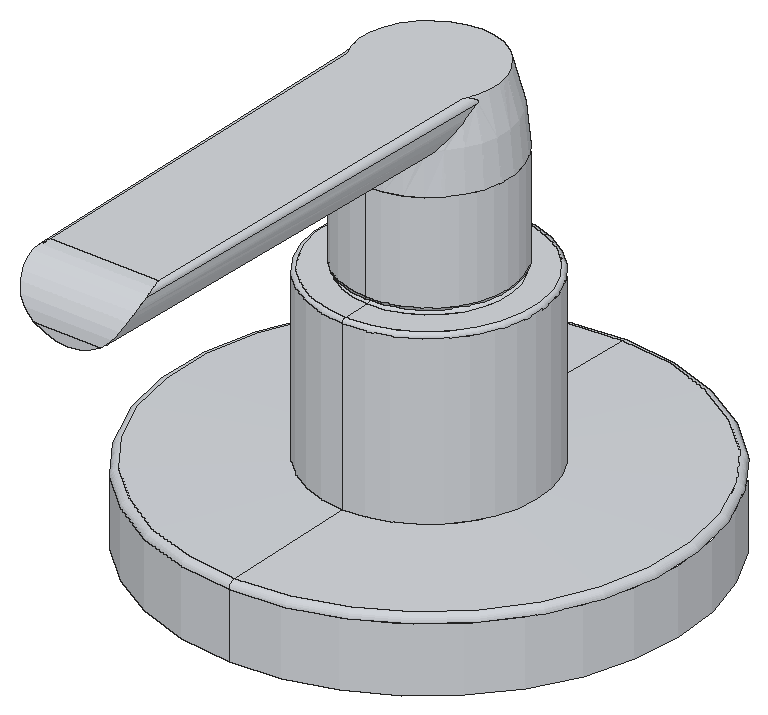
Revit family "Shower-Valve_Trim-KOHLER-Avid-K-T97026_1", category Specialty Equipment, host Face, Revit 2017
Family settings
  Host = Face
  Round Connector Dimension = Use Diameter
  Part Type = Normal
  OmniClass Number = 23.31.25.00
  OmniClass Title = Toilet and Bath Specialties
  Cut with Voids When Loaded = No
  Shared = No
  Room Calculation Point = No
Parameters (values of type "CP-Polished Chrome")
  Width = 3 15/16"  # constant formula
  WaterSense Certified = 1 = 0  # no
  URL = "https://www.us.kohler.com/us/"
  Type = 1
  Product Page URL = "http://www.us.kohler.com/us/catalog/productDetails.jsp?productId=T97026-4"
  Product Name = "Avid"  # constant formula
  Product Documentation Link = "https://www.us.kohler.com/webassets/kpna/catalog/pdf/en/K-T97026-4_spec.pdf"
  Model = if(Type = 1, "K-T97026-4-CP", if(Type = 2, "K-T97026-4-BN", "NA"))  # "K-T97026-4-CP"
  Material = "Premium Metal Construction"  # constant formula
  Master Format 2014 Name = "Toilet, Bath, and Laundry Accessories"  # constant formula
  Master Format 2014 = "10 28 00"  # constant formula
  Manufacturer Address = "444 Highland Dr, Kohler, WI 53044"  # constant formula
  Manufacturer = "KOHLER Co."  # constant formula
  Length = 3 3/8"  # constant formula
  Height = 3 15/16"  # constant formula
  Handle Clearance = 3 9/16"  # constant formula
  Finish = Kohler-Metal-CP-Polished_Chrome
  Environmental Product Declaration = ""
  Description = "Transfer valve trim with lever handle"  # constant formula
  Default Elevation = 42"
  Declare Label = ""
  Date Modified = "05/21/2020"  # constant formula
  Date Created = "05/21/2020"  # constant formula
  Copyright = "Copyright KOHLER Co."  # constant formula
  Contact Us = "https://www.us.kohler.com/us/static/contact.jsp"
  Assembly Code = "C1030200"
  ADA Compliant = 1 = 1  # yes
Types (3): name | Type | Model | Finish
  (no name) | 1 | "K-T97026-4-CP" | Kohler-Metal-CP-Polished_Chrome
  CP-Polished Chrome | 1 | "K-T97026-4-CP" | Kohler-Metal-CP-Polished_Chrome
  BN-Vibrant Brushed Nickel | 2 | "K-T97026-4-BN" | Kohler-Metal-BN-Vibrant_Brushed_Nickel
Reference planes (in)
  plane 1 "Center (Front/Back)": y = 0
  plane 2: z = 0
  plane 3 "Center (Left/Right)": x = 0
  plane 4: x = -1.96875
  plane 5: x = 1.96875
  plane 6: y = 1.96875
  plane 7: y = -1.96875
  plane 8: y = -3.5625
  plane 9: z = 3.375
  plane 10: z = 0.58336
  plane 11: z = 1.93054
Dimensions and locks (in)
  "Height": plane 6 to plane 7
  "Width": plane 4 to plane 5
  "Length": level to plane 9
  "Handle Clearance": plane 1 "Center (Front/Back)" to plane 8
  aligned and locked: plane 2 to host face
  aligned and locked: level to host face
  aligned and locked: plane 3 "Center (Left/Right)" to nested 1
  aligned and locked: plane 1 "Center (Front/Back)" to nested 1
Automatic sketch dimensions
  host sketch curve to host sketch curve = 96"  (x2)
Nested families (in)
  nested 1: "K-T97026" at (0, 0, 0), type "K-T97026"
Definition of nested family "K-T97026"
  Parameters (values of type "K-T97026")
    Material = none
  Reference planes (in)
    plane 1 "Center (Front/Back)": y = 0
    plane 2: z = 0
    plane 3 "Center (Left/Right)": x = 0
    plane 4: x = -1.96875
    plane 5: x = 1.96875
    plane 6: y = 1.96875
    plane 7: y = -1.96875
    plane 8: y = -3.5625
    plane 9: z = 3.375
  Forms (in)
    Revolve 1, solid, material <- "Material", detail levels medium+fine
      sketch origin (0, 0, 0) x (0, 1, 0) y (0, 0, 1)
        loop
          line (1.96875, 0) -> (1.96875, 0.50563)
          arc (1.96875, 0.50563) -> (1.95263, 0.54511) -> (1.91348, 0.56202) r 0.0564
          line (1.91348, 0.56202) -> (0.851, 0.58336) -> (0.851, 1.89526)
          arc (0.851, 1.89526) -> (0.84174, 1.91763) -> (0.81937, 1.9269) r 0.03163
          line (0.81937, 1.9269) -> (0.60688, 1.9269)
          arc (0.60688, 1.9269) -> (0.57363, 1.93749) -> (0.55263, 1.96536) r 0.05749
          line (0.55263, 1.96536) -> (0.60624, 1.96536)
          arc (0.60624, 1.96536) -> (0.62021, 1.97115) -> (0.626, 1.98512) r 0.01976
          line (0.626, 1.98512) -> (0.626, 2.76536)
          arc (0.626, 2.76536) -> (0.59847, 3.07504) -> (0.51675, 3.375) r 1.75562
          line (0.51675, 3.375) -> (0, 3.375) -> (0, 0) -> (1.96875, 0)
        axis (0, 0) -> (0, 3.375)
      angle from 0 to 360
    Blend 2, solid, material <- "Material", detail levels medium+fine
      base sketch origin (0, 0, -0.8125) x (1, 0, 0) y (0, 0, 1)
        loop
          line (0.41472, 4.1875) -> (-0.41472, 4.1875)
          arc (-0.41472, 4.1875) -> (-0.43687, 4.17785) -> (-0.44488, 4.15506) r 0.03024
          arc (-0.44488, 4.15506) -> (-0.30352, 3.86062) -> (0.00058, 3.74144) r 0.44606
          arc (0.00058, 3.74144) -> (0.30394, 3.86101) -> (0.44488, 4.15506) r 0.44606
          arc (0.44488, 4.15506) -> (0.43687, 4.17785) -> (0.41472, 4.1875) r 0.03024
      top sketch origin (0, 0, -0.8125) x (1, 0, 0) y (0, 0, 1)
        loop
          arc (0, 3.71216) -> (0.33957, 3.81868) -> (0.51082, 4.13066) r 0.47686
          arc (0.51082, 4.13066) -> (0.49839, 4.17042) -> (0.4604, 4.1875) r 0.05078
          line (0.4604, 4.1875) -> (-0.4611, 4.1875)
          arc (-0.4611, 4.1875) -> (-0.4986, 4.17066) -> (-0.51091, 4.13144) r 0.05016
          arc (-0.51091, 4.13144) -> (-0.33987, 3.81893) -> (0, 3.71216) r 0.47686
      from 3.96503 to 0
    Extrusion 3, void
      sketch origin (0, 0, 0) x (0, 1, 0) y (0, 0, 1)
        loop
          line (-3.5625, 2.81219) -> (-3.5625, 3.00894)
          arc (-3.5625, 3.00894) -> (-3.45528, 3.26778) -> (-3.19644, 3.375) r 0.36606
          line (-3.19644, 3.375) -> (-3.0625, 3.375) -> (-3.0625, 3.625) -> (-4.15926, 3.625) -> (-4.15926, 2.81219) -> (-3.5625, 2.81219)
      from -0.73136 to 0.69644
    Revolve 4, solid, material <- "Material", detail levels coarse
      sketch origin (0, 0, 0) x (0, 1, 0) y (0, 0, 1)
        loop
          line (0, 3.375) -> (0, 0) -> (1.96875, 0) -> (1.96875, 0.58336) -> (0.851, 0.58336) -> (0.851, 1.9269) -> (0.62604, 1.9269) -> (0.62604, 3.375) -> (0, 3.375)
        axis (0, 0) -> (0, 3.375)
      angle from 0 to 360
    Extrusion 5, solid, material <- "Material", detail levels coarse
      sketch origin (0, 0, 0) x (1, 0, 0) y (0, 0, 1)
        loop
          line (-0.61824, 3.375) -> (-0.61824, 2.90424) -> (0.61824, 2.90424) -> (0.61824, 3.375) -> (-0.61824, 3.375)
      from 0 to 3.5625
  Cuts and joins
    Extrusion 3 cuts Blend 2
    joined: Revolve 1, Blend 2
    joined: Revolve 4, Extrusion 5
  Lines and regions (in)
    Masking region 1
      outline origin (0, 0, 0) x (0, 1, 0) y (0, 0, 1)
        loop
          line (1.96875, 0) -> (1.96875, 0.50538)
          arc (1.96875, 0.50538) -> (1.95252, 0.54513) -> (1.91311, 0.56215) r 0.05678
          line (1.91311, 0.56215) -> (0.851, 0.58336) -> (0.851, 1.89755)
          arc (0.851, 1.89755) -> (0.84259, 1.91811) -> (0.82218, 1.92688) r 0.02933
          line (0.82218, 1.92688) -> (0.61234, 1.93054)
          arc (0.61234, 1.93054) -> (0.57653, 1.94012) -> (0.54939, 1.96536) r 0.07674
          line (0.54939, 1.96536) -> (0.60345, 1.96536)
          arc (0.60345, 1.96536) -> (0.61943, 1.97198) -> (0.62604, 1.98795) r 0.02259
          line (0.62604, 1.98795) -> (0.62604, 2.79743)
          arc (0.62604, 2.79743) -> (0.60011, 3.08257) -> (0.52318, 3.35836) r 1.58077
          arc (0.52318, 3.35836) -> (0.51371, 3.37044) -> (0.49906, 3.375) r 0.0258
          line (0.49906, 3.375) -> (-3.19638, 3.375)
          arc (-3.19638, 3.375) -> (-3.45527, 3.26777) -> (-3.5625, 3.00888) r 0.36612
          line (-3.5625, 3.00888) -> (-3.5625, 2.92596) -> (-0.92156, 2.90647)
          arc (-0.92156, 2.90647) -> (-0.71247, 2.8185) -> (-0.62604, 2.60876) r 0.29772
          line (-0.62604, 2.60876) -> (-0.62604, 1.98795)
          arc (-0.62604, 1.98795) -> (-0.61943, 1.97198) -> (-0.60345, 1.96536) r 0.02259
          line (-0.60345, 1.96536) -> (-0.54939, 1.96536)
          arc (-0.54939, 1.96536) -> (-0.57653, 1.94012) -> (-0.61234, 1.93054) r 0.07674
          line (-0.61234, 1.93054) -> (-0.82218, 1.92688)
          arc (-0.82218, 1.92688) -> (-0.84259, 1.91811) -> (-0.851, 1.89755) r 0.02933
          line (-0.851, 1.89755) -> (-0.851, 0.58336) -> (-1.91311, 0.56215)
          arc (-1.91311, 0.56215) -> (-1.95252, 0.54513) -> (-1.96875, 0.50538) r 0.05678
          line (-1.96875, 0.50538) -> (-1.96875, 0) -> (1.96875, 0)
    Masking region 2
      outline origin (0, 0, 0) x (1, 0, 0) y (0, 0, 1)
        loop
          line (1.96875, 0) -> (1.96875, 0.50645)
          arc (1.96875, 0.50645) -> (1.95287, 0.54535) -> (1.9143, 0.56201) r 0.05556
          line (1.9143, 0.56201) -> (0.851, 0.58336) -> (0.851, 1.8962)
          arc (0.851, 1.8962) -> (0.84219, 1.91772) -> (0.82083, 1.9269) r 0.03071
          line (0.82083, 1.9269) -> (0.61234, 1.93054)
          arc (0.61234, 1.93054) -> (0.57637, 1.94011) -> (0.54902, 1.96536) r 0.07744
          line (0.54902, 1.96536) -> (0.6051, 1.96536)
          arc (0.6051, 1.96536) -> (0.61992, 1.9715) -> (0.62605, 1.98631) r 0.02096
          line (0.62605, 1.98631) -> (0.62605, 2.79659)
          arc (0.62605, 2.79659) -> (0.60081, 3.07873) -> (0.52587, 3.3519) r 1.58907
          arc (0.52587, 3.3519) -> (0.51285, 3.36866) -> (0.49259, 3.375) r 0.03551
          line (0.49259, 3.375) -> (-0.49259, 3.375)
          arc (-0.49259, 3.375) -> (-0.51285, 3.36866) -> (-0.52587, 3.3519) r 0.03551
          arc (-0.52587, 3.3519) -> (-0.60081, 3.07873) -> (-0.62605, 2.79659) r 1.58907
          line (-0.62605, 2.79659) -> (-0.62605, 1.98631)
          arc (-0.62605, 1.98631) -> (-0.61992, 1.9715) -> (-0.6051, 1.96536) r 0.02096
          line (-0.6051, 1.96536) -> (-0.54902, 1.96536)
          arc (-0.54902, 1.96536) -> (-0.57637, 1.94011) -> (-0.61234, 1.93054) r 0.07744
          line (-0.61234, 1.93054) -> (-0.82083, 1.9269)
          arc (-0.82083, 1.9269) -> (-0.84219, 1.91772) -> (-0.851, 1.8962) r 0.03071
          line (-0.851, 1.8962) -> (-0.851, 0.58336) -> (-1.9143, 0.56201)
          arc (-1.9143, 0.56201) -> (-1.95287, 0.54535) -> (-1.96875, 0.50645) r 0.05556
          line (-1.96875, 0.50645) -> (-1.96875, 0) -> (1.96875, 0)
    Masking region 3
      outline origin (0, 0, 0) x (1, 0, 0) y (0, 1, 0)
        loop
          arc (0.47776, -1.9099) -> (0, 1.96875) -> (-0.47776, -1.9099) r 1.96875
          line (-0.47776, -1.9099) -> (-0.45415, -3.41154)
          arc (-0.45415, -3.41154) -> (-0.4084, -3.51843) -> (-0.3008, -3.5625) r 0.15337
          line (-0.3008, -3.5625) -> (0.3008, -3.5625)
          arc (0.3008, -3.5625) -> (0.4084, -3.51843) -> (0.45415, -3.41154) r 0.15337
          line (0.45415, -3.41154) -> (0.47776, -1.9099)
    symbolic lines, detail levels medium+fine
      curve 1: line (0, 0.851, 0.58336) -> (0, -0.851, 0.58336)
      curve 2: line (0, 0.61234, 1.93054) -> (0, -0.61234, 1.93054)
      curve 3: line (0, 0.54939, 1.96536) -> (0, -0.54939, 1.96536)
      curve 4: line (0.851, 0, 0.58336) -> (-0.851, 0, 0.58336)
      curve 5: line (0.61234, 0, 1.93054) -> (-0.61234, 0, 1.93054)
      curve 6: line (-0.54902, 0, 1.96536) -> (0.54939, 0, 1.96536)
      curve 7: arc (-0.50983, -0.33916, 0) -> (-0.53974, 0.2892, 0) -> (0, 0.61234, 0) r 0.61234
      curve 8: arc (0, 0.61234, 0) -> (0.53974, 0.2892, 0) -> (0.50983, -0.33916, 0) r 0.61234
      curve 9: arc (0, 0.51675, 0) -> (-0.3654, 0.3654, 0) -> (-0.51675, 0, 0) r 0.51675
      curve 10: arc (0.51675, 0, 0) -> (0.3654, 0.3654, 0) -> (0, 0.51675, 0) r 0.51675
      curve 11: line (-0.47776, -1.9099, 0) -> (-0.51675, 0, 0)
      curve 12: line (0.47776, -1.9099, 0) -> (0.51675, 0, 0)
      curve 13: arc (0.50273, -0.68663, 0) -> (0, 0.851, 0) -> (-0.50273, -0.68663, 0) r 0.851
      curve 14: arc (-1.49611, -0.82547, 0) -> (-1.50594, -0.87065, 0) -> (-1.46111, -0.88196, 0) r 0.03324
      curve 15: arc (-1.2468, -0.75875, 0) -> (-1.23814, -0.71284, 0) -> (-1.28358, -0.70197, 0) r 0.03387
      curve 16: line (-1.49611, -0.82547, 0) -> (-1.28358, -0.70197, 0)
      curve 17: line (-1.2468, -0.75875, 0) -> (-1.46111, -0.88196, 0)
      curve 18: arc (1.49611, -0.82547, 0) -> (1.50594, -0.87065, 0) -> (1.46111, -0.88196, 0) r 0.03324
      curve 19: arc (1.2468, -0.75875, 0) -> (1.23814, -0.71284, 0) -> (1.28358, -0.70197, 0) r 0.03387
      curve 20: line (1.49611, -0.82547, 0) -> (1.28358, -0.70197, 0)
      curve 21: line (1.2468, -0.75875, 0) -> (1.46111, -0.88196, 0)
  Dimensions and locks (in)
    plane 8 to plane 1 "Center (Front/Back)" = 3 9/16"
    plane 9 to level = 3 3/8"
    locked: plane 4 to plane 5 at 3.9375
    aligned and locked: plane 2 to level
